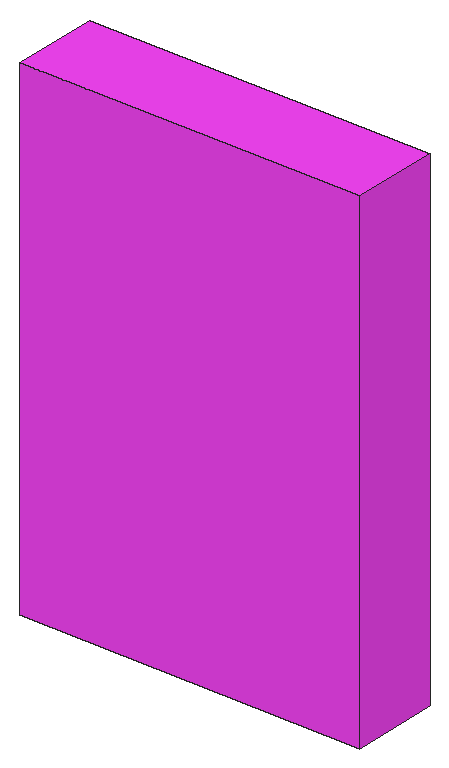
Revit family "501_MEP_Задание_Отверстие_Стены", category Оборудование, Revit 2018
Family settings
  Размер круглого соединителя = Использовать диаметр
  Классификация = Нет
  Тип детали = Нормальный
  На основе рабочей плоскости = Нет
  Всегда вертикально = Да
  При загрузке вырезать с полостями = Нет
  Общий = Нет
  Точка расчета площади = Нет
Parameters (values of type "ЭОМ")
  Ключевая пометка = "501_MEP"  # constant formula
  КП_Р_Ширина [instance] = Ширина + Расширение границ * 2  # 1100 mm
  КП_Р_Высота [instance] = Высота + Расширение границ * 2  # 1600 mm
  Заливка цветом = Заливка Цветная Прямоугольное Отверстие : Красный
  SYS_YES = 1 = 1  # yes
  SYS_WIDTH [instance] = Ширина / 2 + Расширение границ  # 550 mm
  Ширина [instance] = 1000 mm
  Толщина [instance] = 280 mm
  Расширение границ [instance] = 50 mm
  Описание = "Менеджер отверстий KPLN"  # constant formula
  Type Comments = ""
  Группа модели = "Задание на прямоугольное отверстие в стене"  # constant formula
  SYS_OFFSET_UP [instance] = 0 mm
  SYS_OFFSET_DOWN [instance] = 0 mm
  SYS_NO = 1 = 0  # no
  SYS_HEIGHT [instance] = Высота / 2 + Расширение границ  # 800 mm
  Высота [instance] = 1500 mm
Types (5, lengths in mm): name | Заливка цветом | Type Comments
  ОВ | Заливка Цветная Прямоугольное Отверстие : Желтый | "Задание на прямоугольное отверстие в стене"
  ВК | Заливка Цветная Прямоугольное Отверстие : Синий | "Задание на прямоугольное отверстие в стене"
  ЭОМ | Заливка Цветная Прямоугольное Отверстие : Красный | ""
  СС | Заливка Цветная Прямоугольное Отверстие : Зеленый | "Задание на прямоугольное отверстие в стене"
  АУПТ | Заливка Цветная Прямоугольное Отверстие : Фиолетовый | "Задание на прямоугольное отверстие в стене"
Reference planes
  plane 1 "По центру (Вперед/Назад)": y = 0
  plane 2: z = 0
  plane 3 "По центру (Влево/Вправо)": x = 0
  plane 4: z = 1500
  plane 5: x = -500
  plane 6: x = 500
  plane 7: z = 750
  plane 8: y = 140
  plane 9: y = -140
  plane 10: x = -550
  plane 11: z = 1550
  plane 12: x = 550
  plane 13: z = -50
  plane 14: z = 0
  plane 15: z = 1500
Forms (mm)
  Extrusion 1, solid, material "Полость (Задание на отверстие)"
    sketch origin (-606.998, -140, 1200) x (-1, 0, 0) y (0, 0, 1)
      loop
        line (-56.998, 350) -> (-1156.998, 350) -> (-1156.998, -1250) -> (-56.998, -1250) -> (-56.998, 350)
    from 0 to 280 <- "Толщина"
Lines and regions (mm)
  model lines, style "00"
    curve 1: line (0, 0, 1500) -> (0, 0, 0)
Dimensions and locks
  equal spacing: plane 5, plane 3 "По центру (Влево/Вправо)", plane 6
  equal spacing: plane 4, plane 7, plane 2
  "Ширина": plane 5 to plane 6
  "Высота": plane 4 to plane 2
  "Толщина": plane 8 to plane 9
  equal spacing: plane 8, plane 1 "По центру (Вперед/Назад)", plane 9
  "SYS_WIDTH": plane 3 "По центру (Влево/Вправо)" to plane 10
  "SYS_WIDTH": plane 12 to plane 3 "По центру (Влево/Вправо)"
  "SYS_HEIGHT": plane 7 to plane 13
  "SYS_HEIGHT": plane 11 to plane 7
  "SYS_OFFSET_DOWN": plane 2 to plane 14
  "SYS_OFFSET_UP": plane 15 to plane 4
  aligned and locked: level to plane 2
  aligned and locked: Extrusion 1 sketch curve to plane 10
  aligned and locked: Extrusion 1 sketch curve to plane 12
  aligned and locked: Extrusion 1 sketch curve to plane 11
  aligned and locked: Extrusion 1 sketch curve to plane 13
  aligned and locked: plane 3 "По центру (Влево/Вправо)" to nested 1
  aligned and locked: plane 1 "По центру (Вперед/Назад)" to nested 1
  aligned and locked: plane 3 "По центру (Влево/Вправо)" to nested 2
  aligned and locked: nested 2 to plane 7
  aligned and locked: plane 15 to curve 1
  aligned and locked: plane 14 to curve 1
  aligned and locked: curve 1 to plane 3 "По центру (Влево/Вправо)"
Nested families
  nested 1: "Заливка Цветная Прямоугольное Отверстие" at (0, 0, 0), L <- "КП_Р_Ширина", W <- "Толщина", План <- "SYS_YES", type <- "Заливка цветом", type "Красный"
    with Черный (план) no, Фиолетовый (план) no, Синий (план) no, План yes, Оранжевый (план) no, Красный (план) yes, Зеленый (план) no, Желтый (план) no, Голубой (план) no, W 280 mm, L 1100 mm, AW 50 mm, AL 50 mm
  nested 2: "Заливка Цветная Прямоугольное Отверстие" at (0, 0, 750) x (1, 0, 0) z (0, -1, 0), План <- "SYS_NO", W <- "КП_Р_Высота", L <- "КП_Р_Ширина", type <- "Заливка цветом", type "Красный"
    with Черный (план) no, Фиолетовый (план) no, Синий (план) no, План no, Оранжевый (план) no, Красный (план) no, Зеленый (план) no, Желтый (план) no, Голубой (план) no, W 1600 mm, L 1100 mm, AW 100 mm, AL 100 mm
Definition of nested family "Заливка Цветная Прямоугольное Отверстие"
  Parameters (values of type "Зеленый")
    Черный (план) [instance] = and(Черный, План)  # no
    Черный = no
    Фиолетовый (план) [instance] = and(Фиолетовый, План)  # no
    Фиолетовый = no
    Синий (план) [instance] = and(Синий, План)  # no
    Синий = no
    План [instance] = yes
    Оранжевый (план) [instance] = and(Оранжевый, План)  # no
    Оранжевый = no
    Красный (план) [instance] = and(Красный, План)  # no
    Красный = no
    Зеленый (план) [instance] = and(Зеленый, План)  # yes
    Зеленый = yes
    Желтый (план) [instance] = and(Желтый, План)  # no
    Желтый = no
    Голубой (план) [instance] = and(Голубой, План)  # no
    Голубой = no
    L [instance] = 400 mm
    W [instance] = 200 mm
    AW [instance] = if(and(L > 500 mm, W > 500 mm), 100 mm, 50 mm)  # 50 mm
    AL [instance] = if(and(L > 500 mm, W > 500 mm), 100 mm, 50 mm)  # 50 mm
  Types (8, lengths in mm): name | Черный (план) | Черный | Фиолетовый (план) | Фиолетовый | Синий (план) | Синий | Оранжевый (план) | Оранжевый | Красный (план) | Красный | Зеленый (план) | Зеленый | Желтый (план) | Желтый | Голубой (план) | Голубой
    Красный | no | no | no | no | no | no | no | no | yes | yes | no | no | no | no | no | no
    Желтый | no | no | no | no | no | no | no | no | no | no | no | no | yes | yes | no | no
    Оранжевый | no | no | no | no | no | no | yes | yes | no | no | no | no | no | no | no | no
    Голубой | no | no | no | no | no | no | no | no | no | no | no | no | no | no | yes | yes
    Синий | no | no | no | no | yes | yes | no | no | no | no | no | no | no | no | no | no
    Фиолетовый | no | no | yes | yes | no | no | no | no | no | no | no | no | no | no | no | no
    Черный | yes | yes | no | no | no | no | no | no | no | no | no | no | no | no | no | no
    Зеленый | no | no | no | no | no | no | no | no | no | no | yes | yes | no | no | no | no
  Reference planes
    plane 1 "По центру (Вперед/Назад)": y = 0
    plane 2: z = 0
    plane 3 "По центру (Влево/Вправо)": x = 0
    plane 4: x = 200
    plane 5: x = -200
    plane 6: y = 100
    plane 7: y = -100
    plane 8: y = 50
    plane 9: x = -150
  Lines and regions (mm)
    Filled region 1, type "Черный", in view "Опорный уровень", visible <- "Черный"
      outline origin (0, 0, 0) x (1, 0, 0) y (0, 1, 0)
        loop
          line (-200, 100) -> (-200, -100) -> (-150, 50) -> (200, 100) -> (-200, 100)
    Filled region 2, type "Голубой", in view "Опорный уровень", visible <- "Голубой"
      outline origin (0, 0, 0) x (1, 0, 0) y (0, 1, 0)
        loop
          line (-200, 100) -> (-200, -100) -> (-150, 50) -> (200, 100) -> (-200, 100)
    Filled region 3, type "Желтый", in view "Опорный уровень", visible <- "Желтый"
      outline origin (0, 0, 0) x (1, 0, 0) y (0, 1, 0)
        loop
          line (-200, 100) -> (-200, -100) -> (-150, 50) -> (200, 100) -> (-200, 100)
    Filled region 4, type "Зеленый", in view "Опорный уровень", visible <- "Зеленый"
      outline origin (0, 0, 0) x (1, 0, 0) y (0, 1, 0)
        loop
          line (-200, 100) -> (-200, -100) -> (-150, 50) -> (200, 100) -> (-200, 100)
    Filled region 5, type "Красный", in view "Опорный уровень", visible <- "Красный"
      outline origin (0, 0, 0) x (1, 0, 0) y (0, 1, 0)
        loop
          line (-200, 100) -> (-200, -100) -> (-150, 50) -> (200, 100) -> (-200, 100)
    Filled region 6, type "Оранжевый", in view "Опорный уровень", visible <- "Оранжевый"
      outline origin (0, 0, 0) x (1, 0, 0) y (0, 1, 0)
        loop
          line (-200, 100) -> (-200, -100) -> (-150, 50) -> (200, 100) -> (-200, 100)
    Filled region 7, type "Синий", in view "Опорный уровень", visible <- "Синий"
      outline origin (0, 0, 0) x (1, 0, 0) y (0, 1, 0)
        loop
          line (-200, 100) -> (-200, -100) -> (-150, 50) -> (200, 100) -> (-200, 100)
    Filled region 8, type "Фиолетовый", in view "Опорный уровень", visible <- "Фиолетовый"
      outline origin (0, 0, 0) x (1, 0, 0) y (0, 1, 0)
        loop
          line (-200, 100) -> (-200, -100) -> (-150, 50) -> (200, 100) -> (-200, 100)
    Filled region 9, type "Черный", in view "Опорный уровень", visible <- "Черный (план)"
      outline origin (630.409, -492.529, 0) x (1, 0, 0) y (0, 1, 0)
        loop
          line (-780.409, 542.529) -> (-830.409, 392.529) -> (-430.409, 392.529) -> (-430.409, 592.529) -> (-780.409, 542.529)
    Filled region 10, type "Голубой", in view "Опорный уровень", visible <- "Голубой (план)"
      outline origin (520, -360, 0) x (1, 0, 0) y (0, 1, 0)
        loop
          line (-670, 410) -> (-720, 260) -> (-320, 260) -> (-320, 460) -> (-670, 410)
    Filled region 11, type "Желтый", in view "Опорный уровень", visible <- "Желтый (план)"
      outline origin (500, -320, 0) x (1, 0, 0) y (0, 1, 0)
        loop
          line (-300, 420) -> (-650, 370) -> (-700, 220) -> (-300, 220) -> (-300, 420)
    Filled region 12, type "Зеленый", in view "Опорный уровень", visible <- "Зеленый (план)"
      outline origin (630.409, -492.529, 0) x (1, 0, 0) y (0, 1, 0)
        loop
          line (-430.409, 592.529) -> (-780.409, 542.529) -> (-830.409, 392.529) -> (-430.409, 392.529) -> (-430.409, 592.529)
    Filled region 13, type "Красный", in view "Опорный уровень", visible <- "Красный (план)"
      outline origin (630.409, -492.529, 0) x (1, 0, 0) y (0, 1, 0)
        loop
          line (-780.409, 542.529) -> (-830.409, 392.529) -> (-430.409, 392.529) -> (-430.409, 592.529) -> (-780.409, 542.529)
    Filled region 14, type "Оранжевый", in view "Опорный уровень", visible <- "Оранжевый (план)"
      outline origin (630.409, -492.529, 0) x (1, 0, 0) y (0, 1, 0)
        loop
          line (-830.409, 392.529) -> (-430.409, 392.529) -> (-430.409, 592.529) -> (-780.409, 542.529) -> (-830.409, 392.529)
    Filled region 15, type "Синий", in view "Опорный уровень", visible <- "Синий (план)"
      outline origin (630.409, -492.529, 0) x (1, 0, 0) y (0, 1, 0)
        loop
          line (-830.409, 392.529) -> (-430.409, 392.529) -> (-430.409, 592.529) -> (-780.409, 542.529) -> (-830.409, 392.529)
    Filled region 16, type "Фиолетовый", in view "Опорный уровень", visible <- "Фиолетовый (план)"
      outline origin (580, -340, 0) x (1, 0, 0) y (0, 1, 0)
        loop
          line (-780, 240) -> (-380, 240) -> (-380, 440) -> (-730, 390) -> (-780, 240)
  Dimensions and locks
    equal spacing: plane 5, plane 3 "По центру (Влево/Вправо)", plane 4
    equal spacing: plane 6, plane 1 "По центру (Вперед/Назад)", plane 7
    "W": plane 6 to plane 7
    "L": plane 5 to plane 4
    plane 5 to plane 3 "По центру (Влево/Вправо)" = 200 mm
    "AL": plane 5 to plane 9
    "AW": plane 6 to plane 8
    aligned and locked: plane 5 to Filled region 1 sketch curve
    aligned and locked: plane 6 to Filled region 1 sketch curve
    aligned and locked: Filled region 16 sketch curve to Filled region 8  (x2)
    aligned and locked: Filled region 16 sketch curve to plane 7
    aligned and locked: Filled region 16 sketch curve to plane 4
    aligned and locked: Filled region 15 sketch curve to Filled region 8  (x2)
    aligned and locked: Filled region 15 sketch curve to plane 4
    aligned and locked: Filled region 15 sketch curve to plane 7
    aligned and locked: Filled region 14 sketch curve to Filled region 8  (x2)
    aligned and locked: Filled region 14 sketch curve to plane 4
    aligned and locked: Filled region 14 sketch curve to plane 7
    aligned and locked: Filled region 13 sketch curve to Filled region 8  (x2)
    aligned and locked: Filled region 13 sketch curve to plane 7
    aligned and locked: Filled region 13 sketch curve to plane 4
    aligned and locked: Filled region 12 sketch curve to plane 4
    aligned and locked: Filled region 12 sketch curve to plane 7
    aligned and locked: Filled region 12 sketch curve to Filled region 8  (x2)
    aligned and locked: Filled region 11 sketch curve to plane 4
    aligned and locked: Filled region 11 sketch curve to plane 7
    aligned and locked: Filled region 11 sketch curve to Filled region 8  (x2)
    aligned and locked: Filled region 10 sketch curve to Filled region 8  (x2)
    aligned and locked: Filled region 10 sketch curve to plane 7
    aligned and locked: Filled region 10 sketch curve to plane 4
    aligned and locked: Filled region 9 sketch curve to Filled region 8  (x2)
    aligned and locked: Filled region 9 sketch curve to plane 7
    aligned and locked: Filled region 9 sketch curve to plane 4
  Automatic sketch dimensions
    Filled region 1 sketch curve to plane 8 = 0 mm
    Filled region 1 sketch curve to plane 9 = 0 mm
    Filled region 1 sketch curve to plane 4 = 0 mm
    Filled region 1 sketch curve to plane 7 = 0 mm
    Filled region 2 sketch curve to plane 5 = 0 mm
    Filled region 2 sketch curve to plane 8 = 0 mm
    Filled region 2 sketch curve to plane 9 = 0 mm
    Filled region 2 sketch curve to plane 4 = 0 mm
    Filled region 2 sketch curve to plane 7 = 0 mm
    Filled region 2 sketch curve to plane 6 = 0 mm
    Filled region 3 sketch curve to plane 5 = 0 mm
    Filled region 3 sketch curve to plane 8 = 0 mm
    Filled region 3 sketch curve to plane 9 = 0 mm
    Filled region 3 sketch curve to plane 4 = 0 mm
    Filled region 3 sketch curve to plane 7 = 0 mm
    Filled region 3 sketch curve to plane 6 = 0 mm
    Filled region 4 sketch curve to plane 5 = 0 mm
    Filled region 4 sketch curve to plane 8 = 0 mm
    Filled region 4 sketch curve to plane 9 = 0 mm
    Filled region 4 sketch curve to plane 4 = 0 mm
    Filled region 4 sketch curve to plane 7 = 0 mm
    Filled region 4 sketch curve to plane 6 = 0 mm
    Filled region 5 sketch curve to plane 5 = 0 mm
    Filled region 5 sketch curve to plane 8 = 0 mm
    Filled region 5 sketch curve to plane 9 = 0 mm
    Filled region 5 sketch curve to plane 4 = 0 mm
    Filled region 5 sketch curve to plane 7 = 0 mm
    Filled region 5 sketch curve to plane 6 = 0 mm
    Filled region 6 sketch curve to plane 5 = 0 mm
    Filled region 6 sketch curve to plane 8 = 0 mm
    Filled region 6 sketch curve to plane 9 = 0 mm
    Filled region 6 sketch curve to plane 4 = 0 mm
    Filled region 6 sketch curve to plane 7 = 0 mm
    Filled region 6 sketch curve to plane 6 = 0 mm
    Filled region 7 sketch curve to plane 5 = 0 mm
    Filled region 7 sketch curve to plane 8 = 0 mm
    Filled region 7 sketch curve to plane 9 = 0 mm
    Filled region 7 sketch curve to plane 4 = 0 mm
    Filled region 7 sketch curve to plane 7 = 0 mm
    Filled region 7 sketch curve to plane 6 = 0 mm
    Filled region 8 sketch curve to plane 5 = 0 mm
    Filled region 8 sketch curve to plane 8 = 0 mm
    Filled region 8 sketch curve to plane 9 = 0 mm
    Filled region 8 sketch curve to plane 4 = 0 mm
    Filled region 8 sketch curve to plane 7 = 0 mm
    Filled region 8 sketch curve to plane 6 = 0 mm
